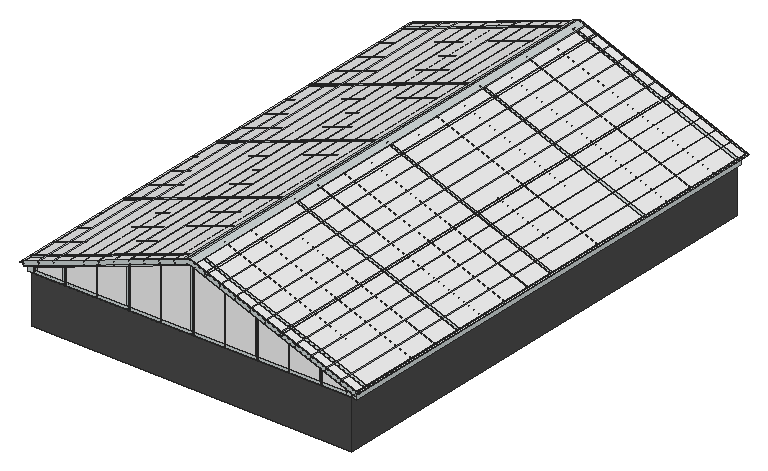
Revit family "Structures Unlimited Center Ridge Skylight", category Generic Models, host Roof, Revit 2018
Family settings
  Host = Roof
  Can host rebar = No
  Round Connector Dimension = Use Diameter
  Part Type = Normal
  Always vertical = No
  Cut with Voids When Loaded = Yes
  Shared = Yes
  Room Calculation Point = No
Parameters (values of type "KCRF Aluminum #79")
  Vertical PD [instance] = ((Real OCD Span + 0' 8") / 2) / cos(Real Roof Pitch) - 0' 2"  # 10' - 9.95804"
  URL = "https://www.structuresunlimitedinc.com/sui-3d-details/sui-center-ridge-skylight/"
  Top Of Rafter [instance] = Cope Height + ((Real OCD Span - 0' 2") / 2) * tan(Real Roof Pitch)  # 4' - 1.31246"
  Rows Of Rafters [instance] = Number Of Bays + 1  # 5
  Roof Pitch [instance] = 20.00°
  Right Kalwall Gable [instance] = yes
  Real Roof Pitch [instance] = if(Roof Pitch < 11.77°, 11.77°, if(Roof Pitch > 45.00°, 45.00°, Roof Pitch))  # 20.00°
  Real OCD Span [instance] = if(OCD Span < 10' 0", 10' 0", if(OCD Span > 85' 0", 85' 0", OCD Span))  # 20' - 0"
  Real OCD Length [instance] = if(OCD Length < 10' 0", 10' 0", if(OCD Length > 200' 0", 200' 0", OCD Length))  # 30' - 0"
  Panel Offset [instance] = 0' 5" / cos(Real Roof Pitch)  # 0' - 5.32089"
  Outside Curb Material [instance] = Roofing, EPDM Membrane
  OTOBB Span [instance] = Real OCD Span - 0' 2"  # 19' - 10"
  OCD Span [instance] = 20' - 0"
  OCD Length [instance] = 30' - 0"
  Number Of Horizontal Grids [instance] = Bay Spacing / 2' 0"  # 4
  Number Of Bays [instance] = if(Bay Spacing Calc > 10' 0", Nominal Number Of Bays + 1, Nominal Number Of Bays)  # 4
  Nominal Number Of Bays [instance] = round(Center To Center Of Beams / Nominal Bay Spacing)  # 4
  Nominal Bay Spacing [instance] = 8' - 0"  # constant formula
  Model = "Center Ridge Skylight"
  Manufacturer = "Structures Unlimited, Inc."
  Left Kalwall Gable [instance] = yes
  Interior Curb Material [instance] = Gypsum Wall Board
  Horizontal PD [instance] = Real OCD Length + 0' 5"  # 30' - 5"
  Horizontal Grid Spacing [instance] = Bay Spacing / Number Of Horizontal Grids  # 1' - 9 3/4"
  Even Horizontal Grids Real [instance] = if(Even Bays, Even Bays, Even Horizontal Grids)  # yes
  Even Horizontal Grids [instance] = roundup(Number Of Horizontal Grids / 2) = rounddown(Number Of Horizontal Grids / 2)  # yes
  Even Bays [instance] = roundup(Number Of Bays / 2) = rounddown(Number Of Bays / 2)  # yes
  Curb Width [instance] = 1' - 0"  # constant formula
  Curb Height [instance] = 3' - 0"
  Cope Height [instance] = 0' - 6"  # constant formula
  Center To Center Of Beams [instance] = Real OCD Length - 0' 7" - Beam Width  # 29' - 0"
  KCRF = KCRF Aluminum #79
  Beam Width [instance] = 0' - 5"  # constant formula
  Beam Height [instance] = 0' - 10"  # constant formula
  Bay Spacing Calc [instance] = Center To Center Of Beams / Nominal Number Of Bays  # 7' - 3"
  Bay Spacing [instance] = Center To Center Of Beams / Number Of Bays  # 7' - 3"
Reference planes (in)
  plane 1 "Center (Front/Back)": y = 0
  plane 2 "Roof": z = 144
  plane 3 "Center (Left/Right)": x = 0
  plane 4 "Top Of Curb": z = 180
  plane 5 "Right OCD": x = 120
  plane 6 "Left OCD": x = -120
  plane 7 "Top OCD": y = 180
  plane 8 "Bot OCD": y = -180
  plane 9 "Left ICD": x = -108
  plane 10 "Right ICD": x = 108
  plane 11 "Top ICD": y = 168
  plane 12 "Bot ICD": y = -168
  plane 13: z = 186
  plane 14: z = 229.31246
  plane 15 "Back Roof Pitch": through (-17.85424, -180, 214.92849) normal (0.342, 0, -0.9397)
  plane 16 "Front Roof Pitch": through (-377.24274, -180, 398.17773) normal (0.342, 0, 0.9397)
Forms (in)
  Extrusion 1, solid
    sketch origin (0, 0, 144) x (1, 0, 0) y (0, 1, 0)
      loop
        line (-120, 180) -> (-120, -180) -> (120, -180) -> (120, 180) -> (-120, 180)
      loop
        line (-108, 168) -> (-108, -168) -> (108, -168) -> (108, 168) -> (-108, 168)
    from 0 to 36
  Extrusion 2, void
    sketch origin (0, 0, 144) x (1, 0, 0) y (0, 1, 0)
      loop
        line (-108, 168) -> (-108, -168) -> (108, -168) -> (108, 168) -> (-108, 168)
    from 0 to 36
Cuts and joins
  Extrusion 2 cuts Extrusion 1
Lines and regions (in)
  reference lines
    curve 1: line (119, 0, 186) -> (0, 0, 229.31246)
    curve 2: line (-119, 0, 186) -> (0, 0, 229.31246)
    curve 3: line (-124, 0, 184.18015) -> (-191.99935, 0, 371.00683)
    curve 4: line (124, 0, 184.18015) -> (225.03078, 0, 461.75992)
Dimensions and locks (in)
  equal spacing: host sketch curve, plane 3 "Center (Left/Right)", host sketch curve
  equal spacing: host sketch curve, plane 1 "Center (Front/Back)", host sketch curve
  "Curb Height": plane 4 "Top Of Curb" to plane 2 "Roof"
  "Real OCD Span": plane 6 "Left OCD" to plane 5 "Right OCD"
  "Real OCD Length": plane 7 "Top OCD" to plane 8 "Bot OCD"
  equal spacing: plane 7 "Top OCD", plane 1 "Center (Front/Back)", plane 8 "Bot OCD"
  equal spacing: plane 6 "Left OCD", plane 3 "Center (Left/Right)", plane 5 "Right OCD"
  "Curb Width": plane 7 "Top OCD" to plane 11 "Top ICD"
  "Curb Width": plane 12 "Bot ICD" to plane 8 "Bot OCD"
  "Curb Width": plane 6 "Left OCD" to plane 9 "Left ICD"
  "Curb Width": plane 10 "Right ICD" to plane 5 "Right OCD"
  "Cope Height": plane 13 to plane 4 "Top Of Curb"
  "Top Of Rafter": plane 14 to plane 4 "Top Of Curb"
  locked: curve 1 to plane 13 at 0
  locked: curve 2 to plane 13
  locked: plane 5 "Right OCD" to curve 1 at 1
  locked: curve 2 to plane 6 "Left OCD" at 1
  "Panel Offset": curve 2 to curve 3
  "Panel Offset": curve 4 to curve 1
  locked: nested 1 to plane 3 "Center (Left/Right)" at 0
  locked: plane 1 "Center (Front/Back)" to nested 1 at 0
  locked: nested 7 to plane 7 "Top OCD" at 0.625
  locked: plane 8 "Bot OCD" to nested 6 at 0.625
  "Real Roof Pitch": angle level to plane 15 "Back Roof Pitch"
  "Real Roof Pitch": angle plane 16 "Front Roof Pitch" to level
  "Real Roof Pitch": angle curve 1 to plane 13
  "Real Roof Pitch": angle plane 13 to curve 2
  locked: curve 4 to curve 1 (angle 90.00°)
  locked: curve 2 to curve 3 (angle 90.00°)
  aligned and locked: plane 2 "Roof" to level
  aligned and locked: Extrusion 1 sketch curve to plane 7 "Top OCD"
  aligned and locked: plane 6 "Left OCD" to Extrusion 1 sketch curve
  aligned and locked: Extrusion 1 sketch curve to plane 5 "Right OCD"
  aligned and locked: plane 8 "Bot OCD" to Extrusion 1 sketch curve
  aligned and locked: plane 10 "Right ICD" to Extrusion 1 sketch curve
  aligned and locked: plane 12 "Bot ICD" to Extrusion 1 sketch curve
  aligned and locked: plane 9 "Left ICD" to Extrusion 1 sketch curve
  aligned and locked: Extrusion 1 sketch curve to plane 11 "Top ICD"
  aligned and locked: Extrusion 1 to plane 2 "Roof"
  aligned and locked: plane 4 "Top Of Curb" to Extrusion 1
  aligned and locked: Extrusion 2 sketch curve to plane 11 "Top ICD"
  aligned and locked: plane 12 "Bot ICD" to Extrusion 2 sketch curve
  aligned and locked: plane 9 "Left ICD" to Extrusion 2 sketch curve
  aligned and locked: plane 10 "Right ICD" to Extrusion 2 sketch curve
  aligned and locked: Extrusion 2 to plane 2 "Roof"
  aligned and locked: plane 4 "Top Of Curb" to Extrusion 2
  aligned and locked: curve 4 to curve 1
  aligned and locked: curve 3 to curve 2
  aligned and locked: plane 3 "Center (Left/Right)" to nested 2
  aligned and locked: plane 1 "Center (Front/Back)" to nested 2
  aligned and locked: plane 4 "Top Of Curb" to nested 2
  aligned and locked: nested 3 to curve 3
  aligned and locked: nested 4 to curve 4
  aligned and locked: nested 4 to curve 1
  aligned and locked: nested 3 to curve 2
  aligned and locked: nested 4 to plane 1 "Center (Front/Back)"
  aligned and locked: plane 1 "Center (Front/Back)" to nested 3
  aligned and locked: plane 1 "Center (Front/Back)" to nested 5
  aligned and locked: plane 3 "Center (Left/Right)" to nested 5
  aligned and locked: plane 4 "Top Of Curb" to nested 5
  aligned and locked: plane 3 "Center (Left/Right)" to nested 7
  aligned and locked: plane 3 "Center (Left/Right)" to nested 6
  aligned and locked: nested 7 to plane 4 "Top Of Curb"
  aligned and locked: nested 6 to plane 4 "Top Of Curb"
  aligned and locked: plane 1 "Center (Front/Back)" to nested 8
  aligned and locked: plane 3 "Center (Left/Right)" to nested 8
  aligned and locked: plane 4 "Top Of Curb" to nested 8
  aligned and locked: plane 14 to nested 1
Nested families (in)
  nested 1: "Center Ridge Skylight Ridge Covers" at (0, 0, 229.31246), OCD Length <- "Real OCD Length", Roof Pitch <- "Real Roof Pitch", CRF <- "KCRF", type "Center Ridge Skylight Ridge Covers"
    with Roof Pitch 20.00°, OCD Length 30' - 0", Length 30' - 5", CRF KCRF Aluminum #79
  nested 2: "Center Ridge Skylight Eave Strut" at (0, 0, 180), Cope Height <- "Cope Height", CRF <- "KCRF", OCD Length <- "Real OCD Length", Left Kalwall Gable <- "Left Kalwall Gable", OCD Span <- "Real OCD Span", Right Kalwall Gable <- "Right Kalwall Gable", Roof Pitch <- "Real Roof Pitch", type "Center Ridge Skylight Eave Strut"
    with Strut Width 0' - 4", Roof Pitch 20.00°, Right Offset 0' - 0.438", Right Kalwall Gable yes, OTOBB 19' - 10", OCD Span 20' - 0", OCD Length 30' - 0", Left Offset 0' - 0.438", Left Kalwall Gable yes, Cope Height 0' - 6", CRF KCRF Aluminum #79
  nested 3: "Center Ridge Skylight Roof Panels" at (-124, 0, 184.18015) x (0, -1, 0) z (-0.342, 0, 0.9397), CRF <- "KCRF", Bay Spacing <- "Bay Spacing", Horizontal PD <- "Horizontal PD", Vertical PD <- "Vertical PD", Even Bays <- "Even Bays", Horizontal Grid Spacing <- "Horizontal Grid Spacing", Even Grids <- "Even Horizontal Grids Real", type "Center Ridge Skylight Roof Panels"
    with Vertical PD 10' - 9.95804", Vertical Grid Spacing 1' - 0", Panel Skin Thickness 0' - 0.063", Panel Angle 90.00°, Overlap Width 0' - 1 3/4", Overlap Offset 0' - 0 7/8", IBeam Width 0' - 0 1/2", IBeam Thickness 0' - 2 5/8", Horizontal PD 30' - 5", Horizontal Grid Spacing 1' - 9 3/4", Half IBeam Width 0' - 0 1/4", Half Horizontal PD 15' - 2 1/2", Grid Offset 0' - 0", Even Grids yes, Even Bays yes, CRF KCRF Aluminum #79, Bay Spacing 7' - 3", Batten Width 0' - 2", Batten Thickness 0' - 0 1/8", Batten Offset 0' - 0"
  nested 4: "Center Ridge Skylight Roof Panels" at (124, 0, 184.18015) x (0, 1, 0) z (0.342, 0, 0.9397), CRF <- "KCRF", Bay Spacing <- "Bay Spacing", Horizontal PD <- "Horizontal PD", Vertical PD <- "Vertical PD", Even Bays <- "Even Bays", Horizontal Grid Spacing <- "Horizontal Grid Spacing", Even Grids <- "Even Horizontal Grids Real", type "Center Ridge Skylight Roof Panels"
    with Vertical PD 10' - 9.95804", Vertical Grid Spacing 1' - 0", Panel Skin Thickness 0' - 0.063", Panel Angle 90.00°, Overlap Width 0' - 1 3/4", Overlap Offset 0' - 0 7/8", IBeam Width 0' - 0 1/2", IBeam Thickness 0' - 2 5/8", Horizontal PD 30' - 5", Horizontal Grid Spacing 1' - 9 3/4", Half IBeam Width 0' - 0 1/4", Half Horizontal PD 15' - 2 1/2", Grid Offset 0' - 0", Even Grids yes, Even Bays yes, CRF KCRF Aluminum #79, Bay Spacing 7' - 3", Batten Width 0' - 2", Batten Thickness 0' - 0 1/8", Batten Offset 0' - 0"
  nested 5: "Center Ridge Skylight Edge Cap" at (0, 0, 180), CRF <- "KCRF", Length <- "Horizontal PD", Roof Pitch <- "Real Roof Pitch", Span <- "OTOBB Span", Vertical Offset <- "Cope Height", type "Center Ridge Skylight Edge Cap"
    with Vertical Offset 0' - 6", Thickness 0' - 0 1/8", Span 19' - 10", Roof Pitch 20.00°, Panel Offset 0' - 5.44589", Panel Depth 0' - 2 3/4", Length 30' - 5", Leg Length 0' - 0 1/2", CRF KCRF Aluminum #79
  nested 6: "Center Ridge Skylight Walls" at (0, -176.624, 180) x (1, 0, 0) z (0, -1, 0), Cope Height <- "Cope Height", Roof Pitch <- "Real Roof Pitch", CRF <- "KCRF", Horizontal PD <- "OTOBB Span", visible <- "Left Kalwall Gable", type "Center Ridge Skylight Walls"
    with Vertical Grid Spacing 1' - 0", Roof Pitch 20.00°, Panel Skin Thickness 0' - 0.063", Overlap Width 0' - 1 3/4", Overlap Offset 0' - 0 7/8", IBeam Width 0' - 0 1/2", IBeam Thickness 0' - 2 5/8", Horizontal PD 19' - 10", Horizontal Grid Spacing 2' - 0", Half IBeam Width 0' - 0 1/4", Half Horizontal PD 9' - 11", Cope Height 0' - 6", CRF KCRF Aluminum #79, Bay Spacing 8' - 0", Batten Width 0' - 2", Batten Thickness 0' - 0 1/8"
  nested 7: "Center Ridge Skylight Walls" at (0, 179.375, 180) x (1, 0, 0) z (0, -1, 0), Cope Height <- "Cope Height", Roof Pitch <- "Real Roof Pitch", CRF <- "KCRF", Horizontal PD <- "OTOBB Span", visible <- "Right Kalwall Gable", type "Center Ridge Skylight Walls"
    with Vertical Grid Spacing 1' - 0", Roof Pitch 20.00°, Panel Skin Thickness 0' - 0.063", Overlap Width 0' - 1 3/4", Overlap Offset 0' - 0 7/8", IBeam Width 0' - 0 1/2", IBeam Thickness 0' - 2 5/8", Horizontal PD 19' - 10", Horizontal Grid Spacing 2' - 0", Half IBeam Width 0' - 0 1/4", Half Horizontal PD 9' - 11", Cope Height 0' - 6", CRF KCRF Aluminum #79, Bay Spacing 8' - 0", Batten Width 0' - 2", Batten Thickness 0' - 0 1/8"
  nested 8: "Center Ridge Skylight Frame" at (0, 0, 180), KCRF <- "KCRF", Bay Spacing <- "Bay Spacing", Beam Height <- "Beam Height", Beam Width <- "Beam Width", Cope Height <- "Cope Height", OCD Length <- "Real OCD Length", OCD Span <- "Real OCD Span", Roof Pitch <- "Real Roof Pitch", Even Bays <- "Even Bays", type "Center Ridge Skylight Frame"
    with Void Width 6' - 10", Void Offset 3' - 7 1/2", Roof Pitch 20.00°, OCD Span 20' - 0", OCD Length 30' - 0", KCRF KCRF Aluminum #79, Even Bays yes, Cope Height 0' - 6", Beam Width 0' - 5", Beam Height 0' - 10", Bay Spacing 7' - 3"
Definition of nested family "Center Ridge Skylight Ridge Covers"
  Parameters (values of type "Center Ridge Skylight Ridge Covers")
    Roof Pitch [instance] = 25.00°
    OCD Length [instance] = 20' - 0"
    Length [instance] = OCD Length + 0' 5"  # 20' - 5"
    CRF [instance] = none
  Reference planes (in)
    plane 1 "Center (Front/Back)": y = 0
    plane 2: z = 0
    plane 3 "Center (Left/Right)": x = 0
    plane 4: y = 122.5
    plane 5: y = -122.5
  Forms (in)
    Extrusion 1, solid, material <- "CRF"
      sketch origin (0, 0, 0) x (1, 0, 0) y (0, 0, 1)
        loop
          line (-5.00978, 0.68716) -> (0, 3.02326) -> (5.00978, 0.68716) -> (5.08902, 0.85709) -> (0, 3.23014) -> (-5.08902, 0.85709) -> (-5.00978, 0.68716)
      from -122.5 to 122.5
    Extrusion 2, solid, material <- "CRF"
      sketch origin (0, 0, 0) x (1, 0, 0) y (0, 0, 1)
        loop
          line (-4.13121, -1.92642) -> (-4.07839, -2.0397) -> (0, -0.13792) -> (4.07839, -2.0397) -> (4.13121, -1.92642) -> (0, 0) -> (-4.13121, -1.92642)
      from -122.5 to 122.5
  Lines and regions (in)
    reference lines
      curve 1: line (0, 0, 0) -> (65.25416, 0, -30.42851)
      curve 2: line (0, 0, 0) -> (-71.59832, 0, -33.38684)
      curve 3: line (-135.34403, 0, -60.0887) -> (0, 0, 3.02326)
      curve 4: line (0, 0, 3.02326) -> (256.54722, 0, -116.60668)
  Dimensions and locks (in)
    locked: plane 2 to curve 1
    locked: plane 3 "Center (Left/Right)" to curve 2 at 0
    plane 3 "Center (Left/Right)" to curve 3 = 0' - 0"
    locked: curve 3 to curve 2 at 2.74
    locked: curve 1 to curve 4 at 2.74
    locked: curve 3 to Extrusion 1 sketch curve at 0.1875
    locked: curve 4 to Extrusion 1 sketch curve at 0.1875
    locked: Extrusion 1 sketch curve to curve 2 at 4.25
    locked: curve 2 to Extrusion 1 sketch curve at 4.25
    equal spacing: plane 4, plane 1 "Center (Front/Back)", plane 5
    "Length": plane 4 to plane 5
    locked: curve 1 to Extrusion 2 sketch curve at 0.125
    locked: curve 2 to Extrusion 2 sketch curve at 0.125
    locked: Extrusion 2 sketch curve to Extrusion 2 sketch curve at 4.5  (x2)
    "Roof Pitch": angle plane 2 to curve 2
    "Roof Pitch": angle curve 1 to plane 2
    locked: curve 2 to Extrusion 2 sketch curve (angle 90.00°)
    aligned and locked: level to plane 2
    aligned and locked: curve 3 to Extrusion 1 sketch curve
    aligned and locked: Extrusion 1 sketch curve to curve 4
    aligned and locked: plane 4 to Extrusion 1
    aligned and locked: Extrusion 1 to plane 5
    aligned and locked: Extrusion 2 sketch curve to curve 2
    aligned and locked: Extrusion 2 sketch curve to curve 1
    aligned and locked: plane 4 to Extrusion 2
    aligned and locked: Extrusion 2 to plane 5
  Automatic sketch dimensions
    curve 3 to level = 5' - 0.0887"
    curve 4 to level = 9' - 8.60668"
Definition of nested family "Center Ridge Skylight Eave Strut"
  Parameters (values of type "Center Ridge Skylight Eave Strut")
    Strut Width [instance] = 0' - 4"  # constant formula
    Roof Pitch [instance] = 45.00°
    Right Offset [instance] = if(Right Kalwall Gable, 0' 0.438", 0' 3 1/2")  # 0' - 0.438"
    Right Kalwall Gable [instance] = yes
    OTOBB [instance] = OCD Span - 0' 2"  # 8' - 2"
    OCD Span [instance] = 8' - 4"
    OCD Length [instance] = 16' - 8"
    Left Offset [instance] = if(Left Kalwall Gable, 0' 0.438", 0' 3 1/2")  # 0' - 0.438"
    Left Kalwall Gable [instance] = yes
    Cope Height [instance] = 0' - 6"
    CRF [instance] = none
  Reference planes (in)
    plane 1 "Center (Front/Back)": y = 0
    plane 2: z = 0
    plane 3 "Center (Left/Right)": x = 0
    plane 4: z = 6
    plane 5: x = -49
    plane 6: x = 49
    plane 7: y = -100
    plane 8: y = 100
    plane 9: y = -99.562
    plane 10: y = 99.562
    plane 11: x = -53
    plane 12: x = 53
  Forms (in)
    Extrusion 1, solid, material <- "CRF"
      sketch origin (0, 0, 0) x (1, 0, 0) y (0, 0, 1)
        loop
          line (-49, 0) -> (-49, 6) -> (-53, 2) -> (-53, 0) -> (-49, 0)
      from -99.562 to 99.562
    Extrusion 2, solid, material <- "CRF"
      sketch origin (0, 0, 0) x (1, 0, 0) y (0, 0, 1)
        loop
          line (49, 0) -> (53, 0) -> (53, 2) -> (49, 6) -> (49, 0)
      from -99.562 to 99.562
  Lines and regions (in)
    reference lines
      curve 1: line (-49, 0, 6) -> (-150.82338, 0, -95.82338)
      curve 2: line (49, 0, 6) -> (184.7645, 0, -129.7645)
  Dimensions and locks (in)
    "Cope Height": plane 4 to plane 2
    equal spacing: plane 5, plane 3 "Center (Left/Right)", plane 6
    "OTOBB": plane 5 to plane 6
    equal spacing: plane 8, plane 1 "Center (Front/Back)", plane 7
    "OCD Length": plane 8 to plane 7
    "Left Offset": plane 9 to plane 7
    "Right Offset": plane 10 to plane 8
    "Strut Width": plane 11 to plane 5
    "Strut Width": plane 6 to plane 12
    locked: curve 1 to plane 4 at 0
    locked: plane 5 to curve 1
    locked: curve 2 to plane 4
    locked: curve 2 to plane 6
    "Roof Pitch": angle plane 4 to curve 1
    "Roof Pitch": angle curve 2 to plane 4
    aligned and locked: level to plane 2
    aligned and locked: curve 1 to Extrusion 1 sketch curve
    aligned and locked: Extrusion 1 sketch curve to plane 11
    aligned and locked: Extrusion 1 sketch curve to plane 2
    aligned and locked: plane 5 to Extrusion 1 sketch curve
    aligned and locked: Extrusion 2 sketch curve to plane 12
    aligned and locked: plane 2 to Extrusion 2 sketch curve
    aligned and locked: plane 6 to Extrusion 2 sketch curve
    aligned and locked: Extrusion 2 sketch curve to curve 2
    aligned and locked: Extrusion 1 to plane 10
    aligned and locked: Extrusion 2 to plane 10
    aligned and locked: Extrusion 2 to plane 9
    aligned and locked: Extrusion 1 to plane 9
Definition of nested family "Center Ridge Skylight Roof Panels"
  Parameters (values of type "Center Ridge Skylight Roof Panels")
    Vertical PD [instance] = 14' - 7"
    Vertical Grid Spacing [instance] = 1' - 0"  # constant formula
    Panel Skin Thickness [instance] = 0' - 0.063"  # constant formula
    Panel Angle [instance] = 90.00°
    Overlap Width [instance] = 0' - 1 3/4"  # constant formula
    Overlap Offset [instance] = Overlap Width / 2  # 0' - 0 7/8"
    IBeam Width [instance] = 0' - 0 1/2"  # constant formula
    IBeam Thickness [instance] = 0' - 2 5/8"  # constant formula
    Horizontal PD [instance] = 16' - 8"
    Horizontal Grid Spacing [instance] = 2' - 0"
    Half IBeam Width [instance] = IBeam Width / 2  # 0' - 0 1/4"
    Half Horizontal PD [instance] = Horizontal PD / 2  # 8' - 4"
    Grid Offset [instance] = if(Even Grids, 0' 0", Horizontal Grid Spacing / 2)  # 1' - 0"
    Even Grids [instance] = no
    Even Bays [instance] = no
    Default Elevation = 4' - 0"
    CRF [instance] = none
    Bay Spacing [instance] = 8' - 0"
    Batten Width [instance] = 0' - 2"  # constant formula
    Batten Thickness [instance] = 0' - 0 1/8"  # constant formula
    Batten Offset [instance] = if(Even Bays, 0' 0", Bay Spacing / 2)  # 4' - 0"
  Reference planes (in)
    plane 1 "Center (Front/Back)": y = 0
    plane 2: z = 0
    plane 3 "Center (Left/Right)": x = 0
    plane 4 "Left Panel": x = -100
    plane 5 "Right Panel": x = 100
    plane 6: z = 0.063
    plane 7: z = 2.688
    plane 8: z = 2.751
    plane 9: y = -1.75
    plane 10 "Left Outside": x = -2000
    plane 11 "Right Outside": x = 2000
    plane 12: y = 0.25
    plane 13 "Max Top PD": y = 1080
    plane 14 "Max Left PD": x = -1976
    plane 15 "Max Right PD": x = 1976
    plane 16 "Top Outside": y = 1104
    plane 17: x = -36
    plane 18: x = -60
    plane 19: x = -84
    plane 20: x = -108
    plane 21: x = -132
    plane 22: x = -156
    plane 23: x = -180
    plane 24: x = -204
    plane 25: x = 12
    plane 26: x = 36
    plane 27: x = 60
    plane 28: x = 84
    plane 29: x = 108
    plane 30: x = 132
    plane 31: x = 156
    plane 32: x = 180
    plane 33: x = 204
    plane 34: x = -228
    plane 35: x = -252
    plane 36: x = 228
    plane 37: x = -276
    plane 38: x = -300
    plane 39: x = -324
    plane 40: x = -348
    plane 41: x = -372
    plane 42: x = -396
    plane 43: x = -420
    plane 44: x = 252
    plane 45: x = 276
    plane 46: x = 300
    plane 47: x = 324
    plane 48: x = 348
    plane 49: x = 372
    plane 50: x = 396
    plane 51: y = 12.25
    plane 52: y = 24.25
    plane 53: y = 36.25
    plane 54: y = 48.25
    plane 55: y = 60.25
    plane 56: y = 72.25
    plane 57: y = 84.25
    plane 58: y = 96.25
    plane 59: y = 108.25
    plane 60: z = 2.876
    plane 61: z = -0.125
    plane 62 "Bot Max": y = -36
    plane 63 "Bot Outside": y = -48
    plane 64: x = -444
    plane 65: x = -468
    plane 66: x = 420
    plane 67: x = 444
    plane 68: y = 120.25
    plane 69: y = 132.25
    plane 70: y = 144.25
    plane 71: y = 156.25
    plane 72: y = 168.25
    plane 73: y = 180.25
    plane 74: y = 192.25
    plane 75: y = 204.25
    plane 76: y = 216.25
    plane 77: y = 228.25
    plane 78: y = 240.25
    plane 79: y = 252.25
    plane 80: y = 264.25
    plane 81: y = 276.25
    plane 82: y = 288.25
    plane 83: y = 300.25
    plane 84: y = 312.25
    plane 85: y = 324.25
    plane 86: y = 336.25
    plane 87: y = 348.25
    plane 88: y = 360.25
    plane 89: y = 372.25
    plane 90: y = 384.25
    plane 91: y = 396.25
    plane 92: y = 408.25
    plane 93: y = 420.25
    plane 94: y = 432.25
    plane 95: y = 444.25
    plane 96: y = 456.25
    plane 97: y = 468.25
    plane 98: y = 480.25
    plane 99: y = 492.25
    plane 100: y = 504.25
    plane 101: y = 516.25
    plane 102: y = 528.25
    plane 103: x = -492
    plane 104: x = -516
    plane 105: x = -540
    plane 106: x = -564
    plane 107: x = -588
    plane 108: x = -612
    plane 109: x = -636
    plane 110: x = -660
    plane 111: x = -684
    plane 112: x = -708
    plane 113: x = -732
    plane 114: x = -756
    plane 115: x = 468
    plane 116: x = 492
    plane 117: x = 540
    plane 118: x = 516
    plane 119: x = 564
    plane 120: x = 588
    plane 121: x = 636
    plane 122: x = 612
    plane 123: x = 660
    plane 124: x = 684
    plane 125: x = 708
    plane 126: x = 732
    plane 127: y = 540.25
    plane 128: y = 552.25
    plane 129: y = 564.25
    plane 130: y = 576.25
    plane 131: y = 588.25
    plane 132: y = 600.25
    plane 133: y = 612.25
    plane 134: y = 624.25
    plane 135: y = 636.25
    plane 136: y = 648.25
    plane 137: y = 660.25
    plane 138: y = 684.25
    plane 139: y = 696.25
    plane 140: y = 672.25
    plane 141: y = 708.25
    plane 142: y = 720.25
    plane 143: y = 744.25
    plane 144: y = 732.25
    plane 145: y = 768.25
    plane 146: y = 756.25
    plane 147: y = 780.25
    plane 148: y = 804.25
    plane 149: y = 792.25
    plane 150: y = 816.25
    plane 151: y = 828.25
    plane 152: y = 840.25
    plane 153: y = 852.25
    plane 154: y = 864.25
    plane 155: y = 876.25
    plane 156: y = 888.25
    plane 157: y = 900.25
    plane 158: y = 912.25
    plane 159: y = 936.25
    plane 160: y = 948.25
    plane 161: y = 960.25
    plane 162: y = 924.25
    plane 163: x = -780
    plane 164: x = -804
    plane 165: x = -828
    plane 166: x = -852
    plane 167: x = -876
    plane 168: x = -900
    plane 169: x = -924
    plane 170: x = -948
    plane 171: x = -972
    plane 172: x = 756
    plane 173: x = 780
    plane 174: x = 804
    plane 175: x = 828
    plane 176: x = 852
    plane 177: x = 876
    plane 178: x = 900
    plane 179: x = 924
    plane 180: x = 948
    plane 181: x = -996
    plane 182: x = -1020
    plane 183: x = -1044
    plane 184: x = -1068
    plane 185: x = 972
    plane 186: x = 996
    plane 187: x = 1020
    plane 188: x = 1044
    plane 189: x = -1092
    plane 190: x = -1116
    plane 191: x = -1140
    plane 192: x = -1164
    plane 193: x = 1068
    plane 194: x = 1092
    plane 195: x = 1116
    plane 196: x = 1140
    plane 197: x = -1188
    plane 198: x = -1212
    plane 199: x = -1236
    plane 200: x = 1188
    plane 201: x = 1164
    plane 202: x = 1212
    plane 203: y = 175.25
    plane 204: x = -1200
    plane 205: x = -1104
    plane 206: x = -1008
    plane 207: x = -912
    plane 208: x = -816
    plane 209: x = -720
    plane 210: x = -624
    plane 211: x = -528
    plane 212: x = -432
    plane 213: x = -336
    plane 214: x = -240
    plane 215: x = -144
    plane 216: x = -48
    plane 217: x = 48
    plane 218: x = 144
    plane 219: x = 240
    plane 220: x = 336
    plane 221: x = 432
    plane 222: x = 528
    plane 223: x = 624
    plane 224: x = 720
    plane 225: x = 816
    plane 226: x = 912
    plane 227: x = 1008
    plane 228: x = 1104
    plane 229: x = 1200
    plane 230: x = -12
  Forms (in)
    Extrusion 1, solid
      sketch origin (0, 0, 0) x (1, 0, 0) y (0, 1, 0)
        loop
          line (1976, 0) -> (1976, 1080) -> (-1976, 1080) -> (-1976, 0) -> (1976, 0)
      from 0.063 to 0
    Extrusion 2, solid
      sketch origin (0, 0, 0) x (1, 0, 0) y (0, 1, 0)
        loop
          line (1976, -1.75) -> (1976, 1080) -> (-1976, 1080) -> (-1976, -1.75) -> (1976, -1.75)
      from 2.688 to 2.751
    Sweep 3, solid
      path origin (0, 0, 0) x (1, 0, 0) y (0, 1, 0)
        loop
          line (1976, 1080) -> (1976, 0.25) -> (1212, 0.25) -> (1212, 1080) -> (1188, 1080) -> (1188, 0.25) -> (1164, 0.25) -> (1164, 1080) -> (1140, 1080) -> (1140, 0.25) -> (1116, 0.25) -> (1116, 1080) -> (1092, 1080) -> (1092, 0.25) -> (1068, 0.25) -> (1068, 1080) -> (1044, 1080) -> (1044, 0.25) -> (1020, 0.25) -> (1020, 1080) -> (996, 1080) -> (996, 0.25) -> (972, 0.25) -> (972, 1080) -> (948, 1080) -> (948, 0.25) -> (924, 0.25) -> (924, 1080) -> (900, 1080) -> (900, 0.25) -> (876, 0.25) -> (876, 1080) -> (852, 1080) -> (852, 0.25) -> (828, 0.25) -> (828, 1080) -> (804, 1080) -> (804, 0.25) -> (780, 0.25) -> (780, 1080) -> (756, 1080) -> (756, 0.25) -> (732, 0.25) -> (732, 1080) -> (708, 1080) -> (708, 0.25) -> (684, 0.25) -> (684, 1080) -> (660, 1080) -> (660, 0.25) -> (636, 0.25) -> (636, 1080) -> (612, 1080) -> (612, 0.25) -> (588, 0.25) -> (588, 1080) -> (564, 1080) -> (564, 0.25) -> (540, 0.25) -> (540, 1080) -> (516, 1080) -> (516, 0.25) -> (492, 0.25) -> (492, 1080) -> (468, 1080) -> (468, 0.25) -> (444, 0.25) -> (444, 1080) -> (420, 1080) -> (420, 0.25) -> (396, 0.25) -> (396, 1080) -> (372, 1080) -> (372, 0.25) -> (348, 0.25) -> (348, 1080) -> (324, 1080) -> (324, 0.25) -> (300, 0.25) -> (300, 1080) -> (276, 1080) -> (276, 0.25) -> (252, 0.25) -> (252, 1080) -> (228, 1080) -> (228, 0.25) -> (204, 0.25) -> (204, 1080) -> (180, 1080) -> (180, 0.25) -> (156, 0.25) -> (156, 1080) -> (132, 1080) -> (132, 0.25) -> (108, 0.25) -> (108, 1080) -> (84, 1080) -> (84, 0.25) -> (60, 0.25) -> (60, 1080) -> (36, 1080) -> (36, 0.25) -> (12, 0.25) -> (12, 1080) -> (-12, 1080) -> (-12, 0.25) -> (-36, 0.25) -> (-36, 1080) -> (-60, 1080) -> (-60, 0.25) -> (-84, 0.25) -> (-84, 1080) -> (-108, 1080) -> (-108, 0.25) -> (-132, 0.25) -> (-132, 1080) -> (-156, 1080) -> (-156, 0.25) -> (-180, 0.25) -> (-180, 1080) -> (-204, 1080) -> (-204, 0.25) -> (-228, 0.25) -> (-228, 1080) -> (-252, 1080) -> (-252, 0.25) -> (-276, 0.25) -> (-276, 1080) -> (-300, 1080) -> (-300, 0.25) -> (-324, 0.25) -> (-324, 1080) -> (-348, 1080) -> (-348, 0.25) -> (-372, 0.25) -> (-372, 1080) -> (-396, 1080) -> (-396, 0.25) -> (-420, 0.25) -> (-420, 1080) -> (-444, 1080) -> (-444, 0.25) -> (-468, 0.25) -> (-468, 1080) -> (-492, 1080) -> (-492, 0.25) -> (-516, 0.25) -> (-516, 1080) -> (-540, 1080) -> (-540, 0.25) -> (-564, 0.25) -> (-564, 1080) -> (-588, 1080) -> (-588, 0.25) -> (-612, 0.25) -> (-612, 1080) -> (-636, 1080) -> (-636, 0.25) -> (-660, 0.25) -> (-660, 1080) -> (-684, 1080) -> (-684, 0.25) -> (-708, 0.25) -> (-708, 1080) -> (-732, 1080) -> (-732, 0.25) -> (-756, 0.25) -> (-756, 1080) -> (-780, 1080) -> (-780, 0.25) -> (-804, 0.25) -> (-804, 1080) -> (-828, 1080) -> (-828, 0.25) -> (-852, 0.25) -> (-852, 1080) -> (-876, 1080) -> (-876, 0.25) -> (-900, 0.25) -> (-900, 1080) -> (-924, 1080) -> (-924, 0.25) -> (-948, 0.25) -> (-948, 1080) -> (-972, 1080) -> (-972, 0.25) -> (-996, 0.25) -> (-996, 1080) -> (-1020, 1080) -> (-1020, 0.25) -> (-1044, 0.25) -> (-1044, 1080) -> (-1068, 1080) -> (-1068, 0.25) -> (-1092, 0.25) -> (-1092, 1080) -> (-1116, 1080) -> (-1116, 0.25) -> (-1140, 0.25) -> (-1140, 1080) -> (-1164, 1080) -> (-1164, 0.25) -> (-1188, 0.25) -> (-1188, 1080) -> (-1212, 1080) -> (-1212, 0.25) -> (-1236, 0.25) -> (-1236, 1080) -> (-1976, 1080) -> (-1976, 0.25)
      profile origin (-1976, 540.125, 0) x (1, 0, 0) y (0, 0, 1)
        loop
          line (0.25, 0.063) -> (0.25, 2.688) -> (-0.25, 2.688) -> (-0.25, 0.063) -> (0.25, 0.063)
    Sweep 4, solid
      path origin (0, 0, 0) x (1, 0, 0) y (0, 1, 0)
        loop
          line (1976, 1080) -> (-1976, 1080) -> (-1976, 960.25) -> (1976, 960.25) -> (1976, 948.25) -> (-1976, 948.25) -> (-1976, 936.25) -> (1976, 936.25) -> (1976, 924.25) -> (-1976, 924.25) -> (-1976, 912.25) -> (1976, 912.25) -> (1976, 900.25) -> (-1976, 900.25) -> (-1976, 888.25) -> (1976, 888.25) -> (1976, 876.25) -> (-1976, 876.25) -> (-1976, 864.25) -> (1976, 864.25) -> (1976, 852.25) -> (-1976, 852.25) -> (-1976, 840.25) -> (1976, 840.25) -> (1976, 828.25) -> (-1976, 828.25) -> (-1976, 816.25) -> (1976, 816.25) -> (1976, 804.25) -> (-1976, 804.25) -> (-1976, 792.25) -> (1976, 792.25) -> (1976, 780.25) -> (-1976, 780.25) -> (-1976, 768.25) -> (1976, 768.25) -> (1976, 756.25) -> (-1976, 756.25) -> (-1976, 744.25) -> (1976, 744.25) -> (1976, 732.25) -> (-1976, 732.25) -> (-1976, 720.25) -> (1976, 720.25) -> (1976, 708.25) -> (-1976, 708.25) -> (-1976, 696.25) -> (1976, 696.25) -> (1976, 684.25) -> (-1976, 684.25) -> (-1976, 672.25) -> (1976, 672.25) -> (1976, 660.25) -> (-1976, 660.25) -> (-1976, 648.25) -> (1976, 648.25) -> (1976, 636.25) -> (-1976, 636.25) -> (-1976, 624.25) -> (1976, 624.25) -> (1976, 612.25) -> (-1976, 612.25) -> (-1976, 600.25) -> (1976, 600.25) -> (1976, 588.25) -> (-1976, 588.25) -> (-1976, 576.25) -> (1976, 576.25) -> (1976, 564.25) -> (-1976, 564.25) -> (-1976, 552.25) -> (1976, 552.25) -> (1976, 540.25) -> (-1976, 540.25) -> (-1976, 528.25) -> (1976, 528.25) -> (1976, 516.25) -> (-1976, 516.25) -> (-1976, 504.25) -> (1976, 504.25) -> (1976, 492.25) -> (-1976, 492.25) -> (-1976, 480.25) -> (1976, 480.25) -> (1976, 468.25) -> (-1976, 468.25) -> (-1976, 456.25) -> (1976, 456.25) -> (1976, 444.25) -> (-1976, 444.25) -> (-1976, 432.25) -> (1976, 432.25) -> (1976, 420.25) -> (-1976, 420.25) -> (-1976, 408.25) -> (1976, 408.25) -> (1976, 396.25) -> (-1976, 396.25) -> (-1976, 384.25) -> (1976, 384.25) -> (1976, 372.25) -> (-1976, 372.25) -> (-1976, 360.25) -> (1976, 360.25) -> (1976, 348.25) -> (-1976, 348.25) -> (-1976, 336.25) -> (1976, 336.25) -> (1976, 324.25) -> (-1976, 324.25) -> (-1976, 312.25) -> (1976, 312.25) -> (1976, 300.25) -> (-1976, 300.25) -> (-1976, 288.25) -> (1976, 288.25) -> (1976, 276.25) -> (-1976, 276.25) -> (-1976, 264.25) -> (1976, 264.25) -> (1976, 252.25) -> (-1976, 252.25) -> (-1976, 240.25) -> (1976, 240.25) -> (1976, 228.25) -> (-1976, 228.25) -> (-1976, 216.25) -> (1976, 216.25) -> (1976, 204.25) -> (-1976, 204.25) -> (-1976, 192.25) -> (1976, 192.25) -> (1976, 180.25) -> (-1976, 180.25) -> (-1976, 168.25) -> (1976, 168.25) -> (1976, 156.25) -> (-1976, 156.25) -> (-1976, 144.25) -> (1976, 144.25) -> (1976, 132.25) -> (-1976, 132.25) -> (-1976, 120.25) -> (1976, 120.25) -> (1976, 108.25) -> (-1976, 108.25) -> (-1976, 96.25) -> (1976, 96.25) -> (1976, 84.25) -> (-1976, 84.25) -> (-1976, 72.25) -> (1976, 72.25) -> (1976, 60.25) -> (-1976, 60.25) -> (-1976, 48.25) -> (1976, 48.25) -> (1976, 36.25) -> (-1976, 36.25) -> (-1976, 24.25) -> (1976, 24.25) -> (1976, 12.25) -> (-1976, 12.25) -> (-1976, 0.25) -> (1976, 0.25)
      profile origin (0, 0.25, 0) x (0, 1, 0) y (0, 0, 1)
        loop
          line (-0.25, 2.688) -> (-0.25, 0.063) -> (0.25, 0.063) -> (0.25, 2.688) -> (-0.25, 2.688)
    Extrusion 5, void
      sketch origin (0, 0, 0) x (1, 0, 0) y (0, 1, 0)
        loop
          line (-100, -1.75) -> (-100, 175.25) -> (100, 175.25) -> (100, -1.75) -> (2000, -1.75) -> (2000, 1104) -> (-2000, 1104) -> (-2000, -1.75) -> (-100, -1.75)
      from -0.125 to 2.876
    Extrusion 6, void
      sketch origin (0, 0, 0) x (1, 0, 0) y (0, 1, 0)
        loop
          line (-2000, -48) -> (2000, -48) -> (2000, 0) -> (-2000, 0) -> (-2000, -48)
      from -0.125 to 2.876
    Sweep 7, solid, material <- "CRF"
      path origin (0, 0, 0) x (1, 0, 0) y (0, 1, 0)
        loop
          line (1976, 1079.125) -> (-1976, 1079.125) -> (-1976, 959.375) -> (1976, 959.375) -> (1976, 899.375) -> (-1976, 899.375) -> (-1976, 839.375) -> (1976, 839.375) -> (1976, 779.375) -> (-1976, 779.375) -> (-1976, 719.375) -> (1976, 719.375) -> (1976, 659.375) -> (-1976, 659.375) -> (-1976, 599.375) -> (1976, 599.375) -> (1976, 539.375) -> (-1976, 539.375) -> (-1976, 479.375) -> (1976, 479.375) -> (1976, 419.375) -> (-1976, 419.375) -> (-1976, 359.375) -> (1976, 359.375) -> (1976, 299.375) -> (-1976, 299.375) -> (-1976, 239.375) -> (1976, 239.375) -> (1976, 179.375) -> (-1976, 179.375) -> (-1976, 119.375) -> (1976, 119.375) -> (1976, 59.375) -> (-1976, 59.375)
      profile origin (0, 59.375, 0) x (0, -1, 0) y (0, 0, 1)
        loop
          line (-0.875, 2.688) -> (-0.875, -0.125) -> (0.875, -0.125) -> (0.875, 2.688) -> (-0.875, 2.688)
    Sweep 8, solid, material <- "CRF"
      path origin (0, 0, 0) x (1, 0, 0) y (0, 1, 0)
        loop
          line (1976, -36) -> (1976, 1080) -> (1200, 1080) -> (1200, -36) -> (1104, -36) -> (1104, 1080) -> (1008, 1080) -> (1008, -36) -> (912, -36) -> (912, 1080) -> (816, 1080) -> (816, -36) -> (720, -36) -> (720, 1080) -> (624, 1080) -> (624, -36) -> (528, -36) -> (528, 1080) -> (432, 1080) -> (432, -36) -> (336, -36) -> (336, 1080) -> (240, 1080) -> (240, -36) -> (144, -36) -> (144, 1080) -> (48, 1080) -> (48, -36) -> (-48, -36) -> (-48, 1080) -> (-144, 1080) -> (-144, -36) -> (-240, -36) -> (-240, 1080) -> (-336, 1080) -> (-336, -36) -> (-432, -36) -> (-432, 1080) -> (-528, 1080) -> (-528, -36) -> (-624, -36) -> (-624, 1080) -> (-720, 1080) -> (-720, -36) -> (-816, -36) -> (-816, 1080) -> (-912, 1080) -> (-912, -36) -> (-1008, -36) -> (-1008, 1080) -> (-1104, 1080) -> (-1104, -36) -> (-1200, -36) -> (-1200, 1080) -> (-1976, 1080) -> (-1976, -36)
      profile origin (-1976, 522, 0) x (1, 0, 0) y (0, 0, 1)
        loop
          line (-1, 2.876) -> (-1, -0.125) -> (1, -0.125) -> (1, 2.876) -> (-1, 2.876)
    Extrusion 9, solid, material <- "CRF"
      sketch origin (0, 0, 0) x (0, 1, 0) y (0, 0, 1)
        loop
          line (0, 2.688) -> (-1.75, 2.688) -> (-1.75, 2.563) -> (-0.125, 2.563) -> (-0.125, -0.125) -> (0.5, -0.125) -> (0.5, 0) -> (0, 0) -> (0, 2.688)
      from -1976 to 1976
  Cuts and joins
    Extrusion 5, Extrusion 6 cuts Sweep 4
    Extrusion 5, Extrusion 6 cuts Sweep 3
    Extrusion 5 cuts Extrusion 2
    Extrusion 5, Extrusion 6 cuts Extrusion 1
    Extrusion 5 cuts Sweep 7
    Extrusion 5, Extrusion 6 cuts Sweep 8
    Extrusion 5 cuts Extrusion 9
  Lines and regions (in)
    reference lines
      curve 1: line (-100, 0, 0) -> (-100, 318, 0)
      curve 2: line (100, 0, 0) -> (100, 456, 0)
  Dimensions and locks (in)
    locked: plane 1 "Center (Front/Back)" to curve 1
    locked: plane 4 "Left Panel" to curve 1
    locked: plane 5 "Right Panel" to curve 2
    locked: plane 1 "Center (Front/Back)" to curve 2 at 0
    "Panel Skin Thickness": plane 6 to plane 2
    "IBeam Thickness": plane 7 to plane 6
    "Panel Skin Thickness": plane 8 to plane 7
    "Half Horizontal PD": plane 4 "Left Panel" to plane 3 "Center (Left/Right)"
    "Half Horizontal PD": plane 3 "Center (Left/Right)" to plane 5 "Right Panel"
    "Overlap Width": plane 1 "Center (Front/Back)" to plane 9
    locked: plane 10 "Left Outside" to plane 3 "Center (Left/Right)" at 2000
    locked: plane 3 "Center (Left/Right)" to plane 11 "Right Outside" at 2000
    "Half IBeam Width": plane 1 "Center (Front/Back)" to plane 12
    locked: plane 1 "Center (Front/Back)" to plane 13 "Max Top PD" at 1080
    equal spacing: Sweep 3 sketch curve, profile plane, Sweep 3 sketch curve
    "IBeam Width": Sweep 3 sketch curve to Sweep 3 sketch curve
    "IBeam Width": Sweep 4 sketch curve to Sweep 4 sketch curve
    equal spacing: Sweep 4 sketch curve, plane 12, Sweep 4 sketch curve
    "Batten Thickness": plane 60 to plane 8
    "Batten Thickness": plane 2 to plane 61
    locked: plane 62 "Bot Max" to plane 1 "Center (Front/Back)" at 36
    locked: plane 63 "Bot Outside" to plane 1 "Center (Front/Back)" at 48
    "Vertical Grid Spacing": plane 102 to plane 101 to plane 100 to plane 99 to plane 98 to plane 97 to plane 96 to plane 95 to plane 94 to plane 93 to plane 92 to plane 91 to plane 90 to plane 89 to plane 88 to plane 87 to plane 86 to plane 85 to plane 84 to plane 83 to plane 82 to plane 81 to plane 80 to plane 79 to plane 78 to plane 77 to plane 76 to plane 75 to plane 74 to plane 73 to plane 72 to plane 71 to plane 70 to plane 69 to plane 68 to plane 59 to plane 58 to plane 57 to plane 56 to plane 55 to plane 54 to plane 53 to plane 52 to plane 51 to plane 12
    "Overlap Offset": Sweep 7 sketch curve to plane 55
    "Overlap Offset": plane 68 to Sweep 7 sketch curve
    "Overlap Offset": plane 73 to Sweep 7 sketch curve
    "Overlap Offset": plane 78 to Sweep 7 sketch curve
    "Overlap Offset": plane 83 to Sweep 7 sketch curve
    "Overlap Offset": Sweep 7 sketch curve to plane 88
    "Overlap Offset": plane 93 to Sweep 7 sketch curve
    "Overlap Offset": Sweep 7 sketch curve to plane 98
    "Overlap Offset": plane 13 "Max Top PD" to Sweep 7 sketch curve
    equal spacing: Sweep 7 sketch curve, profile plane, Sweep 7 sketch curve
    "Overlap Width": Sweep 7 sketch curve to Sweep 7 sketch curve
    locked: plane 10 "Left Outside" to plane 14 "Max Left PD" at 24
    locked: plane 15 "Max Right PD" to plane 11 "Right Outside" at 24
    locked: plane 16 "Top Outside" to plane 13 "Max Top PD" at 24
    "Vertical Grid Spacing": plane 102 to plane 127 to plane 128 to plane 129 to plane 130 to plane 131 to plane 132 to plane 133 to plane 134 to plane 135 to plane 136 to plane 137 to plane 140 to plane 138 to plane 139 to plane 141 to plane 142 to plane 144 to plane 143 to plane 146 to plane 145 to plane 147
    "Vertical Grid Spacing": plane 147 to plane 149 to plane 148 to plane 150 to plane 151 to plane 152 to plane 153 to plane 154 to plane 155 to plane 156 to plane 157 to plane 158 to plane 162 to plane 159 to plane 160 to plane 161
    "Overlap Offset": Sweep 7 sketch curve to plane 127
    "Overlap Offset": plane 132 to Sweep 7 sketch curve
    "Overlap Offset": Sweep 7 sketch curve to plane 137
    "Overlap Offset": Sweep 7 sketch curve to plane 142
    "Overlap Offset": Sweep 7 sketch curve to plane 147
    "Overlap Offset": Sweep 7 sketch curve to plane 152
    "Overlap Offset": plane 157 to Sweep 7 sketch curve
    "Overlap Offset": Sweep 7 sketch curve to plane 161
    "Vertical PD": plane 203 to plane 12
    "Batten Offset": plane 216 to plane 3 "Center (Left/Right)"
    "Bay Spacing": plane 204 to plane 205 to plane 206 to plane 207 to plane 208 to plane 209 to plane 210 to plane 211 to plane 212 to plane 213 to plane 214 to plane 215 to plane 216
    "Bay Spacing": plane 216 to plane 217 to plane 218 to plane 219 to plane 220 to plane 221 to plane 222 to plane 223 to plane 224 to plane 225 to plane 226 to plane 227 to plane 228
    equal spacing: Sweep 8 sketch curve, profile plane, Sweep 8 sketch curve
    "Batten Width": Sweep 8 sketch curve to Sweep 8 sketch curve
    "Bay Spacing": plane 228 to plane 229
    locked: Extrusion 9 sketch curve to Extrusion 9 sketch curve at 0.125  (x3)
    locked: Extrusion 9 sketch curve to Extrusion 9 sketch curve at 0.5
    "Grid Offset": plane 230 to plane 3 "Center (Left/Right)"
    "Horizontal Grid Spacing": plane 199 to plane 198 to plane 197 to plane 192 to plane 191 to plane 190 to plane 189 to plane 184 to plane 183 to plane 182 to plane 181 to plane 171 to plane 170 to plane 169 to plane 168 to plane 167 to plane 166 to plane 165 to plane 164 to plane 163 to plane 114 to plane 113 to plane 112 to plane 111 to plane 110 to plane 109 to plane 108 to plane 107 to plane 106 to plane 105 to plane 104 to plane 103 to plane 65 to plane 64 to plane 43 to plane 42 to plane 41 to plane 40 to plane 39 to plane 38 to plane 37 to plane 35 to plane 34 to plane 24 to plane 23 to plane 22 to plane 21 to plane 20 to plane 19 to plane 18 to plane 17 to plane 230
    "Horizontal Grid Spacing": plane 230 to plane 25 to plane 26 to plane 27 to plane 28 to plane 29 to plane 30 to plane 31 to plane 32 to plane 33 to plane 36 to plane 44 to plane 45 to plane 46 to plane 47 to plane 48 to plane 49 to plane 50 to plane 66 to plane 67 to plane 115 to plane 116 to plane 118 to plane 117 to plane 119 to plane 120 to plane 122 to plane 121 to plane 123 to plane 124 to plane 125 to plane 126 to plane 172 to plane 173 to plane 174 to plane 175 to plane 176 to plane 177 to plane 178 to plane 179 to plane 180 to plane 185 to plane 186 to plane 187 to plane 188 to plane 193 to plane 194 to plane 195 to plane 196 to plane 201 to plane 200 to plane 202
    "Panel Angle": angle plane 1 "Center (Front/Back)" to curve 1
    "Panel Angle": angle curve 2 to plane 1 "Center (Front/Back)"
    aligned and locked: level to plane 2
    aligned and locked: Extrusion 1 sketch curve to plane 1 "Center (Front/Back)"
    aligned and locked: plane 2 to Extrusion 1
    aligned and locked: Extrusion 1 to plane 6
    aligned and locked: Extrusion 2 sketch curve to plane 9
    aligned and locked: Extrusion 2 to plane 7
    aligned and locked: Extrusion 2 to plane 8
    aligned and locked: Sweep 3 sketch curve to plane 14 "Max Left PD"
    aligned and locked: Sweep 3 sketch curve to plane 13 "Max Top PD"  (x42)
    aligned and locked: Sweep 3 sketch curve to plane 42
    aligned and locked: Sweep 3 sketch curve to plane 41
    aligned and locked: Sweep 3 sketch curve to plane 40
    aligned and locked: Sweep 3 sketch curve to plane 39
    aligned and locked: Sweep 3 sketch curve to plane 38
    aligned and locked: Sweep 3 sketch curve to plane 37
    aligned and locked: Sweep 3 sketch curve to plane 35
    aligned and locked: Sweep 3 sketch curve to plane 34
    aligned and locked: Sweep 3 sketch curve to plane 24
    aligned and locked: Sweep 3 sketch curve to plane 23
    aligned and locked: Sweep 3 sketch curve to plane 22
    aligned and locked: Sweep 3 sketch curve to plane 21
    aligned and locked: Sweep 3 sketch curve to plane 20
    aligned and locked: Sweep 3 sketch curve to plane 19
    aligned and locked: Sweep 3 sketch curve to plane 18
    aligned and locked: Sweep 3 sketch curve to plane 17
    aligned and locked: Sweep 3 sketch curve to plane 25
    aligned and locked: Sweep 3 sketch curve to plane 26
    aligned and locked: Sweep 3 sketch curve to plane 27
    aligned and locked: Sweep 3 sketch curve to plane 28
    aligned and locked: Sweep 3 sketch curve to plane 29
    aligned and locked: Sweep 3 sketch curve to plane 30
    aligned and locked: Sweep 3 sketch curve to plane 31
    aligned and locked: Sweep 3 sketch curve to plane 32
    aligned and locked: Sweep 3 sketch curve to plane 33
    aligned and locked: Sweep 3 sketch curve to plane 36
    aligned and locked: Sweep 3 sketch curve to plane 44
    aligned and locked: Sweep 3 sketch curve to plane 45
    aligned and locked: Sweep 3 sketch curve to plane 46
    aligned and locked: Sweep 3 sketch curve to plane 47
    aligned and locked: Sweep 3 sketch curve to plane 48
    aligned and locked: Sweep 3 sketch curve to plane 49
    aligned and locked: Sweep 3 sketch curve to plane 50
    aligned and locked: Sweep 3 sketch curve to plane 12  (x42)
    aligned and locked: plane 12 to Sweep 3 sketch curve  (x11)
    aligned and locked: Sweep 3 sketch curve to plane 7
    aligned and locked: plane 6 to Sweep 3 sketch curve
    aligned and locked: Extrusion 2 sketch curve to plane 15 "Max Right PD"
    aligned and locked: plane 14 "Max Left PD" to Extrusion 2 sketch curve
    aligned and locked: Extrusion 2 sketch curve to plane 13 "Max Top PD"
    aligned and locked: plane 13 "Max Top PD" to Extrusion 1 sketch curve
    aligned and locked: Extrusion 1 sketch curve to plane 14 "Max Left PD"
    aligned and locked: Extrusion 1 sketch curve to plane 15 "Max Right PD"
    aligned and locked: Sweep 4 sketch curve to plane 12
    aligned and locked: Sweep 4 sketch curve to plane 51
    aligned and locked: Sweep 4 sketch curve to plane 52
    aligned and locked: Sweep 4 sketch curve to plane 53
    aligned and locked: Sweep 4 sketch curve to plane 54
    aligned and locked: Sweep 4 sketch curve to plane 55
    aligned and locked: Sweep 4 sketch curve to plane 56
    aligned and locked: Sweep 4 sketch curve to plane 57
    aligned and locked: Sweep 4 sketch curve to plane 58
    aligned and locked: Sweep 4 sketch curve to plane 59
    aligned and locked: Sweep 4 sketch curve to plane 13 "Max Top PD"
    aligned and locked: plane 15 "Max Right PD" to Sweep 4 sketch curve
    aligned and locked: plane 14 "Max Left PD" to Sweep 4 sketch curve  (x41)
    aligned and locked: Sweep 4 sketch curve to plane 15 "Max Right PD"  (x41)
    aligned and locked: plane 6 to Sweep 4 sketch curve
    aligned and locked: Sweep 4 sketch curve to plane 7
    aligned and locked: Extrusion 5 sketch curve to plane 16 "Top Outside"
    aligned and locked: plane 9 to Extrusion 5 sketch curve
    aligned and locked: Extrusion 5 sketch curve to plane 9
    aligned and locked: Extrusion 5 sketch curve to curve 1
    aligned and locked: Extrusion 5 sketch curve to curve 2
    aligned and locked: Extrusion 5 sketch curve to plane 11 "Right Outside"
    aligned and locked: plane 10 "Left Outside" to Extrusion 5 sketch curve
    aligned and locked: Extrusion 5 to plane 61
    aligned and locked: Extrusion 5 to plane 60
    aligned and locked: Extrusion 6 sketch curve to plane 1 "Center (Front/Back)"
    aligned and locked: plane 11 "Right Outside" to Extrusion 6 sketch curve
    aligned and locked: Extrusion 6 sketch curve to plane 10 "Left Outside"
    aligned and locked: Extrusion 6 sketch curve to plane 63 "Bot Outside"
    aligned and locked: plane 61 to Extrusion 6
    aligned and locked: plane 60 to Extrusion 6
    aligned and locked: Sweep 3 sketch curve to plane 65
    aligned and locked: Sweep 3 sketch curve to plane 64
    aligned and locked: Sweep 3 sketch curve to plane 43
    aligned and locked: Sweep 3 sketch curve to plane 66
    aligned and locked: Sweep 3 sketch curve to plane 67
    aligned and locked: Sweep 3 sketch curve to plane 15 "Max Right PD"
    aligned and locked: plane 13 "Max Top PD" to Sweep 3 sketch curve  (x11)
    aligned and locked: Sweep 4 sketch curve to plane 68
    aligned and locked: Sweep 4 sketch curve to plane 69
    aligned and locked: Sweep 4 sketch curve to plane 70
    aligned and locked: Sweep 4 sketch curve to plane 71
    aligned and locked: Sweep 4 sketch curve to plane 72
    aligned and locked: Sweep 4 sketch curve to plane 73
    aligned and locked: Sweep 4 sketch curve to plane 74
    aligned and locked: Sweep 4 sketch curve to plane 75
    aligned and locked: Sweep 4 sketch curve to plane 76
    aligned and locked: Sweep 4 sketch curve to plane 77
    aligned and locked: Sweep 4 sketch curve to plane 78
    aligned and locked: Sweep 4 sketch curve to plane 79
    aligned and locked: Sweep 4 sketch curve to plane 80
    aligned and locked: Sweep 4 sketch curve to plane 81
    aligned and locked: Sweep 4 sketch curve to plane 82
    aligned and locked: Sweep 4 sketch curve to plane 83
    aligned and locked: Sweep 4 sketch curve to plane 84
    aligned and locked: Sweep 4 sketch curve to plane 85
    aligned and locked: Sweep 4 sketch curve to plane 86
    aligned and locked: Sweep 4 sketch curve to plane 87
    aligned and locked: Sweep 4 sketch curve to plane 88
    aligned and locked: Sweep 4 sketch curve to plane 89
    aligned and locked: Sweep 4 sketch curve to plane 90
    aligned and locked: Sweep 4 sketch curve to plane 91
    aligned and locked: Sweep 4 sketch curve to plane 92
    aligned and locked: Sweep 4 sketch curve to plane 93
    aligned and locked: Sweep 4 sketch curve to plane 94
    aligned and locked: Sweep 4 sketch curve to plane 95
    aligned and locked: Sweep 4 sketch curve to plane 96
    aligned and locked: Sweep 4 sketch curve to plane 97
    aligned and locked: Sweep 4 sketch curve to plane 98
    aligned and locked: Sweep 4 sketch curve to plane 99
    aligned and locked: Sweep 4 sketch curve to plane 100
    aligned and locked: Sweep 4 sketch curve to plane 101
    aligned and locked: Sweep 4 sketch curve to plane 102
    aligned and locked: plane 14 "Max Left PD" to Sweep 7 sketch curve  (x9)
    aligned and locked: Sweep 7 sketch curve to plane 15 "Max Right PD"  (x9)
    aligned and locked: Sweep 7 sketch curve to plane 7
    aligned and locked: Sweep 7 sketch curve to plane 61
    aligned and locked: Sweep 3 sketch curve to plane 103
    aligned and locked: Sweep 3 sketch curve to plane 104
    aligned and locked: Sweep 3 sketch curve to plane 105
    aligned and locked: Sweep 3 sketch curve to plane 106
    aligned and locked: Sweep 3 sketch curve to plane 107
    aligned and locked: Sweep 3 sketch curve to plane 108
    aligned and locked: Sweep 3 sketch curve to plane 109
    aligned and locked: Sweep 3 sketch curve to plane 110
    aligned and locked: Sweep 3 sketch curve to plane 111
    aligned and locked: Sweep 3 sketch curve to plane 112
    aligned and locked: Sweep 3 sketch curve to plane 113
    aligned and locked: Sweep 3 sketch curve to plane 114
    aligned and locked: Sweep 3 sketch curve to plane 115
    aligned and locked: Sweep 3 sketch curve to plane 116
    aligned and locked: Sweep 3 sketch curve to plane 118
    aligned and locked: Sweep 3 sketch curve to plane 117
    aligned and locked: Sweep 3 sketch curve to plane 119
    aligned and locked: Sweep 3 sketch curve to plane 120
    aligned and locked: Sweep 3 sketch curve to plane 122
    aligned and locked: Sweep 3 sketch curve to plane 121
    aligned and locked: Sweep 3 sketch curve to plane 123
    aligned and locked: Sweep 3 sketch curve to plane 124
    aligned and locked: Sweep 3 sketch curve to plane 125
    aligned and locked: Sweep 3 sketch curve to plane 126
    aligned and locked: Sweep 4 sketch curve to plane 127
    aligned and locked: Sweep 4 sketch curve to plane 128
    aligned and locked: Sweep 4 sketch curve to plane 129
    aligned and locked: Sweep 4 sketch curve to plane 130
    aligned and locked: Sweep 4 sketch curve to plane 131
    aligned and locked: Sweep 4 sketch curve to plane 132
    aligned and locked: Sweep 4 sketch curve to plane 133
    aligned and locked: Sweep 4 sketch curve to plane 134
    aligned and locked: Sweep 4 sketch curve to plane 135
    aligned and locked: Sweep 4 sketch curve to plane 136
    aligned and locked: Sweep 4 sketch curve to plane 137
    aligned and locked: Sweep 4 sketch curve to plane 140
    aligned and locked: Sweep 4 sketch curve to plane 138
    aligned and locked: Sweep 4 sketch curve to plane 139
    aligned and locked: Sweep 4 sketch curve to plane 141
    aligned and locked: Sweep 4 sketch curve to plane 142
    aligned and locked: Sweep 4 sketch curve to plane 144
    aligned and locked: Sweep 4 sketch curve to plane 143
    aligned and locked: Sweep 4 sketch curve to plane 146
    aligned and locked: Sweep 4 sketch curve to plane 145
    aligned and locked: Sweep 4 sketch curve to plane 147
    aligned and locked: Sweep 4 sketch curve to plane 149
    aligned and locked: Sweep 4 sketch curve to plane 148
    aligned and locked: Sweep 4 sketch curve to plane 150
    aligned and locked: Sweep 4 sketch curve to plane 151
    aligned and locked: Sweep 4 sketch curve to plane 152
    aligned and locked: Sweep 4 sketch curve to plane 153
    aligned and locked: Sweep 4 sketch curve to plane 154
    aligned and locked: Sweep 4 sketch curve to plane 155
    aligned and locked: Sweep 4 sketch curve to plane 156
    aligned and locked: Sweep 4 sketch curve to plane 157
    aligned and locked: Sweep 4 sketch curve to plane 158
    aligned and locked: Sweep 4 sketch curve to plane 162
    aligned and locked: Sweep 4 sketch curve to plane 159
    aligned and locked: Sweep 4 sketch curve to plane 160
    aligned and locked: Sweep 4 sketch curve to plane 161
    aligned and locked: Sweep 3 sketch curve to plane 163
    aligned and locked: Sweep 3 sketch curve to plane 164
    aligned and locked: Sweep 3 sketch curve to plane 165
    aligned and locked: Sweep 3 sketch curve to plane 166
    aligned and locked: Sweep 3 sketch curve to plane 167
    aligned and locked: Sweep 3 sketch curve to plane 168
    aligned and locked: Sweep 3 sketch curve to plane 169
    aligned and locked: Sweep 3 sketch curve to plane 170
    aligned and locked: Sweep 3 sketch curve to plane 171
    aligned and locked: Sweep 3 sketch curve to plane 181
    aligned and locked: Sweep 3 sketch curve to plane 182
    aligned and locked: Sweep 3 sketch curve to plane 183
    aligned and locked: Sweep 3 sketch curve to plane 189
    aligned and locked: Sweep 3 sketch curve to plane 190
    aligned and locked: Sweep 3 sketch curve to plane 191
    aligned and locked: Sweep 3 sketch curve to plane 192
    aligned and locked: Sweep 3 sketch curve to plane 197
    aligned and locked: Sweep 3 sketch curve to plane 198
    aligned and locked: Sweep 3 sketch curve to plane 199
    aligned and locked: Sweep 3 sketch curve to plane 184
    aligned and locked: Sweep 3 sketch curve to plane 172
    aligned and locked: Sweep 3 sketch curve to plane 173
    aligned and locked: Sweep 3 sketch curve to plane 174
    aligned and locked: Sweep 3 sketch curve to plane 175
    aligned and locked: Sweep 3 sketch curve to plane 176
    aligned and locked: Sweep 3 sketch curve to plane 177
    aligned and locked: Sweep 3 sketch curve to plane 178
    aligned and locked: Sweep 3 sketch curve to plane 179
    aligned and locked: Sweep 3 sketch curve to plane 180
    aligned and locked: Sweep 3 sketch curve to plane 185
    aligned and locked: Sweep 3 sketch curve to plane 186
    aligned and locked: Sweep 3 sketch curve to plane 187
    aligned and locked: Sweep 3 sketch curve to plane 188
    aligned and locked: Sweep 3 sketch curve to plane 193
    aligned and locked: Sweep 3 sketch curve to plane 194
    aligned and locked: Sweep 3 sketch curve to plane 195
    aligned and locked: Sweep 3 sketch curve to plane 196
    aligned and locked: Sweep 3 sketch curve to plane 201
    aligned and locked: Sweep 3 sketch curve to plane 200
    aligned and locked: Sweep 3 sketch curve to plane 202
    aligned and locked: Extrusion 5 sketch curve to plane 203
    aligned and locked: Sweep 8 sketch curve to plane 14 "Max Left PD"
    aligned and locked: Sweep 8 sketch curve to plane 204
    aligned and locked: Sweep 8 sketch curve to plane 205
    aligned and locked: Sweep 8 sketch curve to plane 206
    aligned and locked: Sweep 8 sketch curve to plane 207
    aligned and locked: Sweep 8 sketch curve to plane 208
    aligned and locked: Sweep 8 sketch curve to plane 209
    aligned and locked: Sweep 8 sketch curve to plane 210
    aligned and locked: Sweep 8 sketch curve to plane 211
    aligned and locked: Sweep 8 sketch curve to plane 62 "Bot Max"  (x10)
    aligned and locked: Sweep 8 sketch curve to plane 13 "Max Top PD"  (x14)
    aligned and locked: Sweep 8 sketch curve to plane 60
    aligned and locked: plane 61 to Sweep 8 sketch curve
    aligned and locked: Sweep 8 sketch curve to plane 212
    aligned and locked: Sweep 8 sketch curve to plane 213
    aligned and locked: Sweep 8 sketch curve to plane 214
    aligned and locked: Sweep 8 sketch curve to plane 215
    aligned and locked: Sweep 8 sketch curve to plane 216
    aligned and locked: Sweep 8 sketch curve to plane 217
    aligned and locked: Sweep 8 sketch curve to plane 218
    aligned and locked: Sweep 8 sketch curve to plane 219
    aligned and locked: Sweep 8 sketch curve to plane 220
    aligned and locked: Sweep 8 sketch curve to plane 221
    aligned and locked: Sweep 8 sketch curve to plane 222
    aligned and locked: Sweep 8 sketch curve to plane 223
    aligned and locked: plane 62 "Bot Max" to Sweep 8 sketch curve  (x5)
    aligned and locked: Sweep 8 sketch curve to plane 224
    aligned and locked: Sweep 8 sketch curve to plane 225
    aligned and locked: Sweep 8 sketch curve to plane 226
    aligned and locked: Sweep 8 sketch curve to plane 227
    aligned and locked: Sweep 8 sketch curve to plane 228
    aligned and locked: Sweep 8 sketch curve to plane 15 "Max Right PD"
    aligned and locked: Sweep 8 sketch curve to plane 229
    aligned and locked: Extrusion 9 sketch curve to plane 1 "Center (Front/Back)"
    aligned and locked: plane 2 to Extrusion 9 sketch curve
    aligned and locked: Extrusion 9 sketch curve to plane 9
    aligned and locked: plane 7 to Extrusion 9 sketch curve
    aligned and locked: Extrusion 9 to plane 14 "Max Left PD"
    aligned and locked: Extrusion 9 to plane 15 "Max Right PD"
